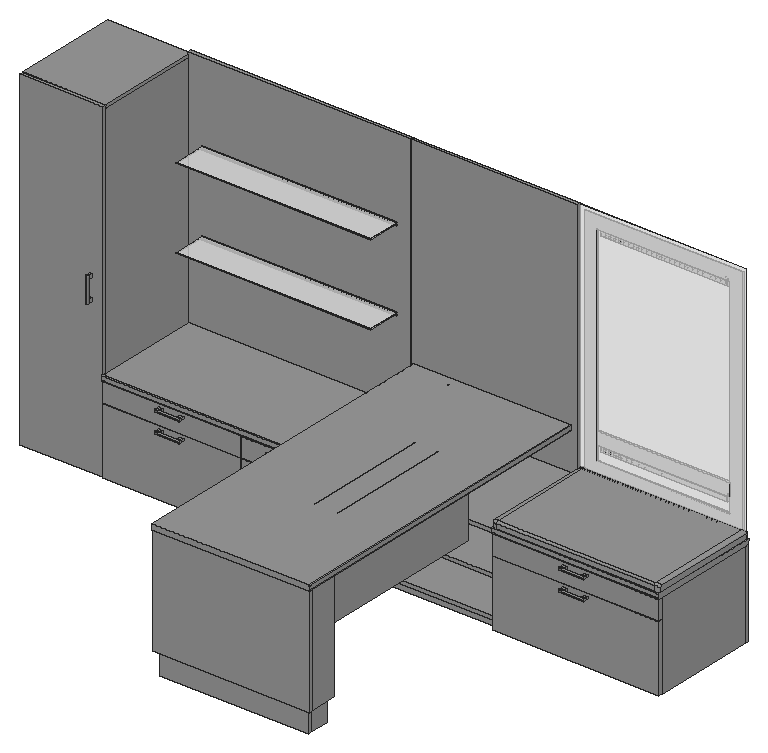
Revit family "JSI-Vision-Typical_Laminate-VST135", category Furniture, Revit 2020
Family settings
  OmniClass Number = 23.40.20.00
  OmniClass Title = General Furniture and Specialties
  Work Plane-Based = No
  Always vertical = Yes
  Cut with Voids When Loaded = No
  Shared = No
  Room Calculation Point = No
Parameters (values of type "VST135")
  URL = "www.jsifurniture.com"
  Type Comments = "Typical Laminate"  # constant formula
  Model = "VST135"
  Manufacturer = "JSI"  # constant formula
  Keynote = "12500"
  Default Elevation = 0"
  Assembly Code = "E2020200"
Reference planes (in)
  plane 1 "Center Front/Back": y = 0
  plane 2: z = 0
  plane 3 "Center Left/Right": x = 0
Dimensions and locks (in)
  aligned and locked: level to plane 2
Nested families (in)
  nested 1: "JSI-Vision-Bench_Height_Cushion" at (101.875, 0, 0.4315), type "VSB2436CUSH, 24d Bench H Cushion, 36 W"
  nested 2: "JSI-Vision-Wall_Panel_Magnetic_Glass" at (101.875, 0, -9.569), type "VSB3653WPGP, Wall Panel Magnetic Glass 52 3/16"H, 36"W"
  nested 3: "JSI-Vision-Wardrobe" at (0, 0, 0), type "VST2418-72WL - Wardrobe - 1 Doors 30"W x 24"D x 72"H"
    with Vertical Partition no, Top-Right Shelve no, Width 18", Unit Centre 8 15/16", Shelve Width 7 13/16", Right surface Dist. to Vertical Partition 3/4", Right Door no, Pull Distance 15 1/4", Left Shelves no, Height 72", Hanging Bar Distance 6 3/4", Door Width 17 3/4", Bottom-Right Shelves yes, Adjustable Shelves Array Distance 13.95", Actual Width 17 7/8", Actual Height 71 11/16", # of Adjustable Shelves 4
  nested 4: "JSI-Vision-Wall_Panel_Markerboard_Laminate-Glass_Shelf" at (17.875, 0, 0.1185), type "VST4853WPGS, Wall Panel with Glass Shelf 52 3/16"H, 48"W"
    with Two Shelves yes, Qty Shelf 2, One Shelf no, Dist Shelf 17 13/32", Width 48", Height 52 3/16"
  nested 5: "JSI-Vision-Box_File_Modular_Bench_Pedestal" at (47.875, -0.125, 0), type "VSTB2418MBF - Laminate BF Modular Bench H Ped"
    with Height 18.744", Depth 24"
  nested 6: "JSI-Vision-Box_File_Modular_Bench_Pedestal" at (17.875, -0.125, 0), type "VSTB2430MBF - Laminate BF Modular Bench H Ped"
    with Width 30", Height 18.744", Depth 24"
  nested 7: "JSI-Vision-Box_File_Modular_Bench_Pedestal" at (101.875, 0, 0), type "VSTB2436MBF - Laminate BF Modular Bench H Ped"
    with Width 36", Height 18.744", Depth 24"
  nested 8: "JSI-Vision-Bench_Height_Modular_Top" at (101.875, 0, -0.756), type "VSTB2436MT, Laminate Mod Bench H Top, 24" x 36""
    with Width 36", Depth 24"
  nested 9: "JSI-Vision-Bench_Height_Modular_Top" at (17.875, -0.125, -0.756), type "VSTB2448MT, Laminate Mod Bench H Top, 24" x 48""
    with Width 48", Depth 24"
  nested 10: "JSI-Vision-Adj_Height_Peninsula_Desk-Credenza" at (101.875, 0, 0) x (0, -1, 0) z (0, 0, 1), type "VSTB3672-AH24PDR, Adj Height Peninsula Desk Credenza 20"H, 72"W"
  nested 11: "JSI-Vision-Wall_Panel_Laminate" at (65.875, 0, -9.5685), type "VST3653WP, Laminate Wall Panel - 7 15/16d x 36w x 52 3/16h"
    with Width 36", Height 52.187"
  nested 12: "JSI-Vision-Filler_Back_Panel_for_Bench_Height" at (133.875, 0, 0), type "VSTB0419MBK, Filler Back Panel for Bench Height 18 3/4"H, 4"W"
Definition of nested family "JSI-Vision-Bench_Height_Cushion"
  Parameters (values of type "Type Catalog")
    Width = 36"
    URL = "www.jsifurniture.com"
    Type Comments = ""
    Series = "Vision Casegoods"  # constant formula
    Model = "Type Catalog"
    Material = ""
    Manufacturer = "JSI"  # constant formula
    Keynote = "12500"
    JSI Enviromental Website = "http://www.jsifurniture.com/jsi_sustainability_intro.php"
    Height = 1 1/2"
    Description = "Type Catalog"
    Depth = 24"
    Default Elevation = 0"
    Cushion Finish = none
    Bench Height = 19 1/2"
    Assembly Code = "E2020200"
  Reference planes (in)
    plane 1 "Center Front/Back": y = 0
    plane 2: z = 0
    plane 3 "Center Left/Right": x = 0
    plane 4: z = 0
    plane 5: z = 19.5
    plane 6: z = 21
    plane 7: z = 20.625
    plane 8: x = 36
    plane 9: y = -24
  Forms (in)
    Sweep 1, solid, material <- "Cushion Finish"
      path origin (7.5, 51.481, 49.125) x (0, 1, 0) y (0, 0, 1)
        loop
          line (-51.481, -29.625) -> (-51.481, -28.5625)
          arc (-51.481, -28.5625) -> (-51.60914, -28.25314) -> (-51.9185, -28.125) r 0.4375
          line (-51.9185, -28.125) -> (-75.0435, -28.125)
          arc (-75.0435, -28.125) -> (-75.35286, -28.25314) -> (-75.481, -28.5625) r 0.4375
          line (-75.481, -28.5625) -> (-75.481, -29.625)
      profile origin (7.5, -12, 21) x (0, 0, -1) y (1, 0, 0)
        loop
          line (0.375, -7.5) -> (0.375, 28.5)
          spline (0.375, 28.5) -> (0.32605, 28.49144) -> (0.27794, 28.46593) -> (0.23149, 28.42388) -> (0.1875, 28.36603) -> (0.14671, 28.29335) -> (0.10983, 28.20711) -> (0.07749, 28.10876) -> (0.05024, 28) -> (0.02855, 27.88268) -> (0.01278, 27.75882) -> (0.00321, 27.63053) -> (0, 27.5)
          line (0, 27.5) -> (0, -6.5)
          spline (0, -6.5) -> (0.00321, -6.63053) -> (0.01278, -6.75882) -> (0.02855, -6.88268) -> (0.05024, -7) -> (0.07749, -7.10876) -> (0.10983, -7.20711) -> (0.14671, -7.29335) -> (0.1875, -7.36603) -> (0.23149, -7.42388) -> (0.27794, -7.46593) -> (0.32605, -7.49144) -> (0.375, -7.5)
    Extrusion 2, solid, material <- "Cushion Finish"
      sketch origin (7.5, 51.481, 49.125) x (0, 1, 0) y (0, 0, 1)
        loop
          line (-51.856, -29.625) -> (-51.856, -28.5625)
          arc (-51.856, -28.5625) -> (-51.87431, -28.51831) -> (-51.9185, -28.5) r 0.0625
          line (-51.9185, -28.5) -> (-75.0435, -28.5)
          arc (-75.0435, -28.5) -> (-75.0877, -28.51831) -> (-75.106, -28.5625) r 0.0625
          line (-75.106, -28.5625) -> (-75.106, -29.625) -> (-51.856, -29.625)
      from -7.5 to 28.5
  Lines and regions (in)
    symbolic lines
      curve 1: line (36, -0.375, 0) -> (36, -23.625, 0)
      curve 2: line (35, -24, 0) -> (1, -24, 0)
      curve 3: spline (0, -23.625, 0) -> (0.00856, -23.67395, 0) -> (0.03407, -23.72206, 0) -> (0.07612, -23.76851, 0) -> (0.13397, -23.8125, 0) -> (0.20665, -23.85329, 0) -> (0.29289, -23.89017, 0) -> (0.39124, -23.92251, 0) -> (0.5, -23.94976, 0) -> (0.61732, -23.97145, 0) -> (0.74118, -23.98722, 0) -> (0.86947, -23.99679, 0) -> (1, -24, 0)
      curve 4: spline (36, -23.625, 0) -> (35.99144, -23.67395, 0) -> (35.96593, -23.72206, 0) -> (35.92388, -23.76851, 0) -> (35.86603, -23.8125, 0) -> (35.79335, -23.85329, 0) -> (35.70711, -23.89017, 0) -> (35.60876, -23.92251, 0) -> (35.5, -23.94976, 0) -> (35.38268, -23.97145, 0) -> (35.25882, -23.98722, 0) -> (35.13053, -23.99679, 0) -> (35, -24, 0)
      curve 5: line (1, 0, 0) -> (35, 0, 0)
      curve 6: spline (36, -0.375, 0) -> (35.99144, -0.32605, 0) -> (35.96593, -0.27794, 0) -> (35.92388, -0.23149, 0) -> (35.86603, -0.1875, 0) -> (35.79335, -0.14671, 0) -> (35.70711, -0.10983, 0) -> (35.60876, -0.07749, 0) -> (35.5, -0.05024, 0) -> (35.38268, -0.02855, 0) -> (35.25882, -0.01278, 0) -> (35.13053, -0.00321, 0) -> (35, 0, 0)
      curve 7: spline (0, -0.375, 0) -> (0.00856, -0.32605, 0) -> (0.03407, -0.27794, 0) -> (0.07612, -0.23149, 0) -> (0.13397, -0.1875, 0) -> (0.20665, -0.14671, 0) -> (0.29289, -0.10983, 0) -> (0.39124, -0.07749, 0) -> (0.5, -0.05024, 0) -> (0.61732, -0.02855, 0) -> (0.74118, -0.01278, 0) -> (0.86947, -0.00321, 0) -> (1, 0, 0)
      curve 8: line (0, -0.375, 0) -> (0, -23.625, 0)
  Dimensions and locks (in)
    "Height": plane 6 to plane 5
    locked: plane 7 to plane 5 at 1.125
    "Bench Height": plane 5 to level
    "Width": plane 3 "Center Left/Right" to plane 8
    "Depth": plane 1 "Center Front/Back" to plane 9
    locked: Sweep 1 sketch curve to plane 3 "Center Left/Right" at 1
    locked: Sweep 1 sketch curve to plane 8 at 1
    aligned and locked: level to plane 2
    aligned and locked: level to plane 4
    aligned and locked: Sweep 1 to plane 5
    aligned and locked: Extrusion 2 to Sweep 1  (x3)
    aligned and locked: Extrusion 2 to plane 3 "Center Left/Right"
    aligned and locked: Extrusion 2 to plane 8
    aligned and locked: plane 1 "Center Front/Back" to Sweep 1 sketch curve
    aligned and locked: plane 9 to Sweep 1 sketch curve
    aligned and locked: Sweep 1 sketch curve to plane 6
  Automatic sketch dimensions
    Sweep 1 sketch curve to plane 5 = 0"  (x2)
    Sweep 1 sketch curve to plane 7 = 1/16"
    plane 1 "Center Front/Back" to Sweep 1 sketch curve = 7/16"
    Sweep 1 sketch curve to profile plane = 0"
    Sweep 1 sketch curve to profile plane = 3/8"
    Sweep 1 sketch curve to Sweep 1 sketch curve = 1"  (x2)
    Extrusion 2 sketch curve to plane 5 = 0"
    Extrusion 2 sketch curve to plane 7 = 0"
    plane 9 to Extrusion 2 sketch curve = 3/8"
    Extrusion 2 sketch curve to plane 7 = 1/16"
    plane 1 "Center Front/Back" to Extrusion 2 sketch curve = 7/16"
    plane 1 "Center Front/Back" to Extrusion 2 sketch curve = 3/8"
    curve 3 to plane 3 "Center Left/Right" = 0"
    curve 3 to plane 9 = 0"
    plane 1 "Center Front/Back" to curve 7 = 0"
    curve 4 to plane 8 = 0"
    plane 3 "Center Left/Right" to curve 2 = 1"
    plane 3 "Center Left/Right" to curve 5 = 1"
    plane 8 to curve 5 = 1"
    plane 8 to curve 2 = 1"
    plane 9 to curve 1 = 3/8"
    plane 1 "Center Front/Back" to curve 1 = 3/8"
    plane 9 to curve 3 = 3/8"
    plane 1 "Center Front/Back" to curve 8 = 3/8"
Definition of nested family "JSI-Vision-Wall_Panel_Magnetic_Glass"
  Parameters (values of type "VSB3653WPGP, Wall Panel Magnetic Glass 52 3/16"H, 36"W")
    Width = 36"
    URL = "www.jsifurniture.com"
    Type Comments = ""
    Series = "Vision Casegoods"  # constant formula
    Model = "VSB3653WPGP"
    Material = ""
    Manufacturer = "JSI"  # constant formula
    Keynote = "12500"  # constant formula
    SVX Enviromental Website = "http://www.jsifurniture.com/jsi_sustainability_intro.php"
    Height = 52 3/16"
    Hardware Finish = none
    Description = "Wall Panel Magnetic Glass -  7/16\"D x 36\"W x 52 3/16\"H"
    Depth = 7/16"
    Panel Finish = none
    Default Elevation = 0"
    Assembly Code = "E2020200"
  Types (2): name | Model | Height | Description
    VSB3653WPGP, Wall Panel Magnetic Glass 52 3/16"H, 36"W | "VSB3653WPGP" | 52 3/16" | "Wall Panel Magnetic Glass -  7/16\"D x 36\"W x 52 3/16\"H"
    VSB3654WPGP, Wall Panel Magnetic Glass 54 1/2"H, 36"W | "VSB3654WPGP" | 54 1/2" | "Wall Panel Magnetic Glass -  7/16\"D x 36\"W x 54 1/2\"H"
  Reference planes (in)
    plane 1 "Center Front/Back": y = 0
    plane 2: z = 0
    plane 3 "Center Left/Right": x = 0
    plane 4: z = 0
    plane 5: z = 81.6875
    plane 6: x = 36
    plane 7: y = -0.4375
    plane 8: z = 29.5
  Forms (in)
    Extrusion 1, solid, material <- "Panel Finish"
      sketch origin (0, -0.25, 0) x (1, 0, 0) y (0, 0, 1)
        loop
          line (0, 81.6875) -> (0, 29.5) -> (36, 29.5) -> (36, 81.6875) -> (0, 81.6875)
      from 0.03002 to 0.1875
    Sweep 2, solid, material <- "Hardware Finish"
      path origin (0, 0, 0) x (1, 0, 0) y (0, 0, 1)
        loop
          line (1, 80.6875) -> (1, 30.5) -> (35, 30.5) -> (35, 80.6875) -> (1, 80.6875)
      profile origin (18, 0, 80.6875) x (0, 0, 1) y (0, -1, 0)
        loop
          line (0, 0) -> (0, 0.28002) -> (-2.66142, 0.28002) -> (-2.66142, 0.20128) -> (-2.18898, 0.20128) -> (-2.18898, 0.07874) -> (-2.66142, 0.07874) -> (-2.66142, 0) -> (0, 0)
    Extrusion 3, solid, material <- "Hardware Finish"
      sketch origin (0, 0, 0) x (0, 1, 0) y (0, 0, 1)
        loop
          line (0, 36.40108) -> (0, 39.0625) -> (-0.28002, 39.0625) -> (-0.28002, 36.40108) -> (-0.20128, 36.40108) -> (-0.20128, 36.95226) -> (-0.07874, 36.95226) -> (-0.07874, 36.40108) -> (0, 36.40108)
      from 32.33858 to 3.66142
    Extrusion 4, solid, material <- "Hardware Finish"
      sketch origin (0, 0, 0) x (0, 1, 0) y (0, 0, 1)
        loop
          line (-0.1808, 36.95191) -> (-0.1808, 36.15) -> (-0.0558, 36.15) -> (-0.0558, 35.15) -> (0.0192, 35.15) -> (0.0192, 35.23062)
          arc (0.0192, 35.23062) -> (-0.01092, 35.26074) -> (0.0192, 35.29087) r 0.03012
          line (0.0192, 35.29087) -> (0.0192, 35.35562)
          arc (0.0192, 35.35562) -> (-0.01092, 35.38574) -> (0.0192, 35.41587) r 0.03012
          line (0.0192, 35.41587) -> (0.0192, 35.48062)
          arc (0.0192, 35.48062) -> (-0.01092, 35.51074) -> (0.0192, 35.54087) r 0.03012
          line (0.0192, 35.54087) -> (0.0192, 35.60562)
          arc (0.0192, 35.60562) -> (-0.01092, 35.63574) -> (0.0192, 35.66587) r 0.03012
          line (0.0192, 35.66587) -> (0.0192, 35.73062)
          arc (0.0192, 35.73062) -> (-0.01092, 35.76074) -> (0.0192, 35.79087) r 0.03012
          line (0.0192, 35.79087) -> (0.0192, 35.85562)
          arc (0.0192, 35.85562) -> (-0.01092, 35.88574) -> (0.0192, 35.91587) r 0.03012
          line (0.0192, 35.91587) -> (0.0192, 35.98062)
          arc (0.0192, 35.98062) -> (-0.01092, 36.01074) -> (0.0192, 36.04087) r 0.03012
          line (0.0192, 36.04087) -> (0.0192, 36.4) -> (-0.0858, 36.4) -> (-0.0858, 36.95191) -> (-0.1808, 36.95191)
        loop
          line (-0.1808, 78.57691) -> (-0.1808, 77.775) -> (-0.0558, 77.775) -> (-0.0558, 76.775) -> (0.0192, 76.775) -> (0.0192, 76.85562)
          arc (0.0192, 76.85562) -> (-0.01092, 76.88574) -> (0.0192, 76.91587) r 0.03012
          line (0.0192, 76.91587) -> (0.0192, 76.98062)
          arc (0.0192, 76.98062) -> (-0.01092, 77.01074) -> (0.0192, 77.04087) r 0.03012
          line (0.0192, 77.04087) -> (0.0192, 77.10562)
          arc (0.0192, 77.10562) -> (-0.01092, 77.13574) -> (0.0192, 77.16587) r 0.03012
          line (0.0192, 77.16587) -> (0.0192, 77.23062)
          arc (0.0192, 77.23062) -> (-0.01092, 77.26074) -> (0.0192, 77.29087) r 0.03012
          line (0.0192, 77.29087) -> (0.0192, 77.35562)
          arc (0.0192, 77.35562) -> (-0.01092, 77.38574) -> (0.0192, 77.41587) r 0.03012
          line (0.0192, 77.41587) -> (0.0192, 77.48062)
          arc (0.0192, 77.48062) -> (-0.01092, 77.51074) -> (0.0192, 77.54087) r 0.03012
          line (0.0192, 77.54087) -> (0.0192, 77.60562)
          arc (0.0192, 77.60562) -> (-0.01092, 77.63574) -> (0.0192, 77.66587) r 0.03012
          line (0.0192, 77.66587) -> (0.0192, 78.025) -> (-0.0858, 78.025) -> (-0.0858, 78.57691) -> (-0.1808, 78.57691)
      from 31.715 to 4.285
  Lines and regions (in)
    symbolic lines
      curve 1: line (0, -0.28002, 0) -> (36, -0.28002, 0)
      curve 2: line (0, -0.4375, 0) -> (0, -0.28002, 0)
      curve 3: line (36, -0.4375, 0) -> (0, -0.4375, 0)
      curve 4: line (36, -0.28002, 0) -> (36, -0.4375, 0)
      curve 5: line (1, -0.28002, 0) -> (1, 0, 0)
      curve 6: line (1, 0, 0) -> (35, 0, 0)
      curve 7: line (35, 0, 0) -> (35, -0.28002, 0)
  Dimensions and locks (in)
    "Width": plane 3 "Center Left/Right" to plane 6
    "Depth": plane 1 "Center Front/Back" to plane 7
    locked: plane 1 "Center Front/Back" to Extrusion 1 at 0.28002
    locked: plane 8 to plane 4 at 29.5
    "Height": plane 5 to plane 8
    locked: plane 5 to Sweep 2 sketch curve at 1
    locked: Sweep 2 sketch curve to plane 8 at 1
    locked: Sweep 2 sketch curve to plane 3 "Center Left/Right" at 1
    locked: Sweep 2 sketch curve to plane 6 at 1
    plane 5 to Sweep 2 sketch curve to Sweep 2 sketch curve to Sweep 2 sketch curve = 1" locked, 2.18898" locked, 0.47244" locked
    Extrusion 3 sketch curve to Extrusion 3 sketch curve to Extrusion 3 sketch curve to plane 8 = 2.11024" locked, 0.55118" locked, 6.90108" locked
    plane 8 to Extrusion 4 sketch curve to Extrusion 4 sketch curve to Extrusion 4 sketch curve to Extrusion 4 sketch curve to Extrusion 4 sketch curve to Extrusion 4 sketch curve to Extrusion 4 sketch curve to Extrusion 4 sketch curve to Extrusion 4 sketch curve to Extrusion 4 sketch curve to Extrusion 4 sketch curve = 5.65" locked, 0.11074" locked, 1/8" locked, 1/8" locked, 1/8" locked, 1/8" locked, 1/8" locked, 1/8" locked, 0.13926" locked, 1/4" locked, 0.55191" locked
    Extrusion 4 sketch curve to Extrusion 4 sketch curve to Extrusion 4 sketch curve to Extrusion 4 sketch curve to Extrusion 4 sketch curve to Extrusion 4 sketch curve to Extrusion 4 sketch curve to Extrusion 4 sketch curve to Extrusion 4 sketch curve to Extrusion 4 sketch curve to Extrusion 4 sketch curve to plane 5 = 0.11074" locked, 1/8" locked, 1/8" locked, 1/8" locked, 1/8" locked, 1/8" locked, 1/8" locked, 0.13926" locked, 1/4" locked, 0.55191" locked, 3.11059" locked
    locked: plane 3 "Center Left/Right" to Extrusion 4 at 4.285
    locked: plane 6 to Extrusion 4 at 4.285
    aligned and locked: level to plane 2
    aligned and locked: plane 3 "Center Left/Right" to Extrusion 1 sketch curve
    aligned and locked: plane 6 to Extrusion 1 sketch curve
    aligned and locked: Extrusion 1 to plane 7
    aligned and locked: Extrusion 1 to plane 6
    aligned and locked: Extrusion 1 to plane 3 "Center Left/Right"
    aligned and locked: Sweep 2 sketch curve to Sweep 2 sketch curve
    aligned and locked: Extrusion 1 to plane 8
    aligned and locked: Extrusion 3 sketch curve to Extrusion 3 sketch curve
    aligned and locked: Sweep 2 to Extrusion 3  (x2)
    aligned and locked: Extrusion 3 to Sweep 2
    aligned and locked: curve 1 to Extrusion 1
    aligned and locked: curve 2 to Extrusion 1
    aligned and locked: curve 3 to Extrusion 1
    aligned and locked: curve 4 to Extrusion 1
  Automatic sketch dimensions
    Extrusion 1 sketch curve to plane 8 = 0"
    Extrusion 1 sketch curve to plane 5 = 0"
    Sweep 2 sketch curve to plane 1 "Center Front/Back" = 0"
    Sweep 2 sketch curve to Sweep 2 sketch curve = 0.07874"
    Sweep 2 sketch curve to Sweep 2 sketch curve = 0.12254"
    Sweep 2 sketch curve to Sweep 2 sketch curve = 0.28002"
    Extrusion 3 sketch curve to plane 1 "Center Front/Back" = 0"
    plane 1 "Center Front/Back" to Extrusion 3 sketch curve = 0.07874"
    Extrusion 3 sketch curve to Extrusion 3 sketch curve = 0.12254"
    Extrusion 3 sketch curve to Extrusion 3 sketch curve = 0.07874"
    plane 1 "Center Front/Back" to Extrusion 4 sketch curve = 0.1808"  (x2)
    plane 1 "Center Front/Back" to Extrusion 4 sketch curve = 0.0858"  (x2)
    plane 1 "Center Front/Back" to Extrusion 4 sketch curve = 0.0558"  (x2)
    Extrusion 4 sketch curve to plane 1 "Center Front/Back" = 0.0192"  (x2)
    Extrusion 4 sketch curve to Extrusion 4 sketch curve = 0.03012"  (x14)
    plane 1 "Center Front/Back" to curve 6 = 0"
    plane 3 "Center Left/Right" to curve 6 = 1"
    curve 7 to curve 1 = 1"
Definition of nested family "JSI-Vision-Wardrobe"
  Parameters (values of type "Type Catalog")
    Vertical Partition = yes
    Top-Right Shelve = yes
    Top = none
    Width = 36"
    Unit Centre = Actual Width / 2  # 17 15/16"
    URL = "www.jsifurniture.com"
    Type Comments = ""
    Tag = "Storage/Wardrobe"
    Shelve Width = (Actual Width - 2 1/4") / 2  # 16 13/16"
    Shelve Depth = Depth - 2 13/16"  # 21 3/16"
    Series = "Vision Casegoods"  # constant formula
    Right surface Dist. to Vertical Partition = if(Vertical Partition, (Unit Centre + 3/8"), 3/4")  # 18 5/16"
    Right Door = yes
    Pull Finish = none
    Pull Distance = Door Width - 2 1/2"  # 15 5/16"
    Model = "Type Catalog"
    Material = ""
    Manufacturer = "JSI"  # constant formula
    Left Shelves = yes
    Left Door = yes
    Keynote = "12500"
    JSI Enviromental Website = "http://www.jsifurniture.com/jsi_sustainability_intro.php"
    Height = 84"
    Hanging Bar Distance = if(Height > 72", (Adjustable Shelves Array Distance + 6 3/4"), 6 3/4")  # 20 3/8"
    Door Width = if(Vertical Partition, ((Actual Width - (1/4")) / 2), (Actual Width - 1/8"))  # 17 13/16"
    Door Front = none
    Description = "Type Catalog"
    Depth = 24"
    Default Elevation = 0"
    Chassis = none
    Bottom-Right Shelves = no
    Assembly Code = "E2020200"
    Adjustable Shelves Array Distance = (Actual Height - 1 15/16") / (# of Adjustable Shelves + 1)  # 13 5/8"
    Actual Width = Width - 1/8"  # 35 7/8"
    Actual Height = if(Height > 54", (Height - 5/16"), (if(Height > 42", (Height + 1 1/8"), if(Height > 30", (Height - 3/8"), (Height - 13/16")))))  # 83 11/16"
    # of Adjustable Shelves = if(Height > 72", 5, 4)  # 5
  Reference planes (in)
    plane 1 "Center Front/Back": y = 0
    plane 2: z = 0
    plane 3 "Center Left/Right": x = 0
    plane 4: z = 0
    plane 5: x = 35.875
    plane 6: y = -0.125
    plane 7: y = -23
    plane 8: z = 83.6875
    plane 9: y = -0.875
    plane 10: y = -22.8125
    plane 11: y = -22.0625
    plane 12: x = 0.75
    plane 13: x = 35.125
    plane 14: z = 1.1875
    plane 15: z = 1.9375
    plane 16: z = 82.9375
    plane 17: z = 83.3125
    plane 18: z = 15.1875
    plane 19: z = 28.8125
    plane 20: z = 42.4375
    plane 21: z = 56.0625
    plane 22: z = 69.6875
    plane 23: z = 70.0625
    plane 24: z = 69.3125
    plane 25: z = 56.4375
    plane 26: z = 55.6875
    plane 27: z = 42.8125
    plane 28: z = 42.0625
    plane 29: z = 29.1875
    plane 30: z = 28.4375
    plane 31: z = 15.5625
    plane 32: z = 14.8125
    plane 33: x = 17.9375
    plane 34: x = 0.0625
    plane 35: x = 35.8125
    plane 36: x = 18
    plane 37: x = 17.875
    plane 38: z = 0.125
    plane 39: y = -23.125
    plane 40: y = -23.875
    plane 41: z = 1.5625
    plane 42: x = 18.3125
    plane 43: x = 17.5625
    plane 44: y = -24
    plane 45: z = 83.625
    plane 46: z = 63.3125
    plane 47: y = -11.5625
    plane 48: z = 41.84375
    plane 49: x = 20.5
    plane 50: x = 15.375
    plane 51: z = 20.3125
    plane 52: z = 19.5625
    plane 53: x = 18.3125
  Forms (in)
    Extrusion 1, solid, material <- "Chassis"
      sketch origin (0, 0, 0) x (1, 0, 0) y (0, 1, 0)
        loop
          line (0, -0.125) -> (0, -0.875) -> (35.875, -0.875) -> (35.875, -0.125) -> (0, -0.125)
      from 0 to 82.9375
    Extrusion 2, solid, material <- "Chassis"
      sketch origin (0, 0, 0) x (1, 0, 0) y (0, 1, 0)
        loop
          line (0, -0.875) -> (0, -23) -> (0.75, -23) -> (0.75, -0.875) -> (0, -0.875)
      from 0 to 82.9375
    Extrusion 3, solid, material <- "Chassis"
      sketch origin (0, 0, 0) x (1, 0, 0) y (0, 1, 0)
        loop
          line (35.125, -0.875) -> (35.125, -23) -> (35.875, -23) -> (35.875, -0.875) -> (35.125, -0.875)
      from 0 to 82.9375
    Extrusion 4, solid, material <- "Top"
      sketch origin (0, 0, 0) x (0, 1, 0) y (0, 0, 1)
        loop
          line (-0.125, 83.6875) -> (-23, 83.6875) -> (-23, 82.9375) -> (-0.125, 82.9375) -> (-0.125, 83.6875)
      from 0 to 35.875
    Extrusion 5, solid, material <- "Chassis"
      sketch origin (0, 0, 0) x (0, 1, 0) y (0, 0, 1)
        loop
          line (-0.875, 1.9375) -> (-22.0625, 1.9375) -> (-22.0625, 1.1875) -> (-0.875, 1.1875) -> (-0.875, 1.9375)
      from 0.75 to 35.125
    Extrusion 6, solid, material <- "Chassis"
      sketch origin (0, 0, 0) x (0, 1, 0) y (0, 0, 1)
        loop
          line (-22.0625, 1.9375) -> (-22.8125, 1.9375) -> (-22.8125, 0) -> (-22.0625, 0) -> (-22.0625, 1.9375)
      from 0.75 to 35.125
    Extrusion 7, solid, material <- "Door Front", visible <- "Left Door"
      sketch origin (0, 0, 0) x (1, 0, 0) y (0, 1, 0)
        loop
          line (0.0625, -23.125) -> (0.0625, -23.875) -> (17.875, -23.875) -> (17.875, -23.125) -> (0.0625, -23.125)
      from 0.125 to 83.625
    Extrusion 8, solid, material <- "Door Front", visible <- "Right Door"
      sketch origin (0, 0, 0) x (1, 0, 0) y (0, 1, 0)
        loop
          line (18, -23.125) -> (18, -23.875) -> (35.8125, -23.875) -> (35.8125, -23.125) -> (18, -23.125)
      from 0.125 to 83.625
    Extrusion 9, solid, material <- "Chassis", visible <- "Vertical Partition"
      sketch origin (0, 0, 0) x (1, 0, 0) y (0, 1, 0)
        loop
          line (17.5625, -0.875) -> (17.5625, -23) -> (18.3125, -23) -> (18.3125, -0.875) -> (17.5625, -0.875)
      from 1.9375 to 82.9375
    Extrusion 10, solid, material <- "Chassis", visible <- "Left Shelves"
      sketch origin (0, 0, 0) x (0, 1, 0) y (0, 0, 1)
        loop
          line (-0.875, 15.5625) -> (-22.0625, 15.5625) -> (-22.0625, 14.8125) -> (-0.875, 14.8125) -> (-0.875, 15.5625)
      from 0.75 to 17.5625
    Extrusion 11, solid, material <- "Chassis", visible <- "Top-Right Shelve"
      sketch origin (0, 0, 0) x (0, 1, 0) y (0, 0, 1)
        loop
          line (-0.875, 70.0625) -> (-22.0625, 70.0625) -> (-22.0625, 69.3125) -> (-0.875, 69.3125) -> (-0.875, 70.0625)
      from 18.3125 to 35.125
    Extrusion 12, solid, material <- "Pull Finish"
      sketch origin (0, 0, 0) x (0, 1, 0) y (0, 0, 1)
        loop
          circle (-11.5625, 63.3125) r 0.5
      from 18.3125 to 35.125
    Extrusion 13, solid, material <- "Chassis", visible <- "Left Shelves"
      sketch origin (0, 0, 13.625) x (0, 1, 0) y (0, 0, 1)
        loop
          line (-0.875, 15.5625) -> (-22.0625, 15.5625) -> (-22.0625, 14.8125) -> (-0.875, 14.8125) -> (-0.875, 15.5625)
      from 0.75 to 17.5625
    Extrusion 14, solid, material <- "Chassis", visible <- "Left Shelves"
      sketch origin (0, 0, 27.25) x (0, 1, 0) y (0, 0, 1)
        loop
          line (-0.875, 15.5625) -> (-22.0625, 15.5625) -> (-22.0625, 14.8125) -> (-0.875, 14.8125) -> (-0.875, 15.5625)
      from 0.75 to 17.5625
    Extrusion 15, solid, material <- "Chassis", visible <- "Left Shelves"
      sketch origin (0, 0, 40.875) x (0, 1, 0) y (0, 0, 1)
        loop
          line (-0.875, 15.5625) -> (-22.0625, 15.5625) -> (-22.0625, 14.8125) -> (-0.875, 14.8125) -> (-0.875, 15.5625)
      from 0.75 to 17.5625
    Extrusion 16, solid, material <- "Chassis", visible <- "Bottom-Right Shelves"
      sketch origin (0, 0, 0) x (0, 1, 0) y (0, 0, 1)
        loop
          line (-22.0625, 29.1875) -> (-22.0625, 28.4375) -> (-0.875, 28.4375) -> (-0.875, 29.1875) -> (-22.0625, 29.1875)
      from 18.3125 to 35.125
    Extrusion 17, solid, material <- "Chassis", visible <- "Bottom-Right Shelves"
      sketch origin (0, 0, 0) x (0, 1, 0) y (0, 0, 1)
        loop
          line (-22.0625, 20.3125) -> (-22.0625, 19.5625) -> (-0.875, 19.5625) -> (-0.875, 20.3125) -> (-22.0625, 20.3125)
      from 18.3125 to 35.125
    Extrusion 18, solid, material <- "Chassis", visible <- "Left Shelves"
      sketch origin (0, 0, 54.5) x (0, 1, 0) y (0, 0, 1)
        loop
          line (-0.875, 15.5625) -> (-22.0625, 15.5625) -> (-22.0625, 14.8125) -> (-0.875, 14.8125) -> (-0.875, 15.5625)
      from 0.75 to 17.5625
  Lines and regions (in)
    symbolic lines
      curve 1: line (35.875, -0.125, 0) -> (0, -0.125, 0)
      curve 2: line (0, -0.125, 0) -> (0, -23, 0)
      curve 3: line (35.875, -23, 0) -> (35.875, -0.125, 0)
      curve 4: line (0, -23, 0) -> (35.875, -23, 0)
      curve 5: line (17.875, -23.875, 0) -> (17.875, -23.125, 0)
      curve 6: line (0.0625, -23.875, 0) -> (17.875, -23.875, 0)
      curve 7: line (17.875, -23.125, 0) -> (0.0625, -23.125, 0)
      curve 8: line (0.0625, -23.125, 0) -> (0.0625, -23.875, 0)
      curve 9: line (35.8125, -23.125, 20.3125) -> (18, -23.125, 20.3125)
      curve 10: line (18, -23.875, 20.3125) -> (35.8125, -23.875, 20.3125)
      curve 11: line (18, -23.125, 20.3125) -> (18, -23.875, 20.3125)
      curve 12: line (35.8125, -23.875, 20.3125) -> (35.8125, -23.125, 20.3125)
  Dimensions and locks (in)
    locked: plane 6 to plane 1 "Center Front/Back" at 0.125
    plane 7 to plane 10 to plane 11 = 3/16" locked, 3/4" locked
    locked: plane 3 "Center Left/Right" to plane 12 at 0.75
    locked: plane 13 to plane 5 at 0.75
    plane 15 to plane 14 to plane 4 = 3/4" locked, 1 3/16" locked
    locked: plane 8 to plane 16 at 0.75
    locked: plane 17 to plane 16 at 0.375
    plane 23 to plane 22 to plane 24 = 3/8" locked, 3/8" locked
    plane 25 to plane 21 to plane 26 = 3/8" locked, 3/8" locked
    plane 27 to plane 20 to plane 28 = 3/8" locked, 3/8" locked
    plane 29 to plane 19 to plane 30 = 3/8" locked, 3/8" locked
    plane 31 to plane 18 to plane 32 = 3/8" locked, 3/8" locked
    "Actual Width": plane 3 "Center Left/Right" to plane 5
    "Unit Centre": plane 3 "Center Left/Right" to plane 33
    "Actual Height": plane 8 to plane 4
    locked: plane 3 "Center Left/Right" to plane 34 at 0.0625
    locked: plane 35 to plane 5 at 0.0625
    plane 40 to plane 39 to plane 7 = 3/4" locked, 1/8" locked
    "Door Width": plane 34 to plane 37
    "Door Width": plane 36 to plane 35
    locked: plane 15 to plane 41 at 0.375
    plane 43 to plane 33 to plane 42 = 3/8" locked, 3/8" locked
    "Depth": plane 44 to plane 1 "Center Front/Back"
    locked: plane 44 to plane 40 at 0.125
    "Adjustable Shelves Array Distance": Extrusion 10 to plane 15
    locked: plane 8 to plane 45 at 0.0625
    "Adjustable Shelves Array Distance": plane 17 to plane 22
    equal spacing: plane 6, plane 47, plane 7
    equal spacing: plane 8, plane 48, plane 4
    "Shelve Depth": Extrusion 10 sketch curve to Extrusion 10 sketch curve
    "Shelve Depth": Extrusion 13 sketch curve to Extrusion 13 sketch curve
    equal spacing: group 1, group 2, group 3, group 4, group 5  (x3)
    "Shelve Width": Extrusion 10 to Extrusion 10
    "Shelve Depth": Extrusion 14 sketch curve to Extrusion 14 sketch curve
    "Shelve Width": Extrusion 14 to Extrusion 14
    "Shelve Depth": Extrusion 15 sketch curve to Extrusion 15 sketch curve
    "Shelve Width": Extrusion 15 to Extrusion 15
    "Shelve Width": Extrusion 13 to Extrusion 13
    "Hanging Bar Distance": plane 8 to plane 46
    "Adjustable Shelves Array Distance": Extrusion 13 to Extrusion 10
    plane 30 to plane 51 to plane 52 = 8 1/8" locked, 3/4" locked
    "Pull Distance": plane 49 to plane 35
    "Pull Distance": plane 34 to plane 50
    "Right surface Dist. to Vertical Partition": plane 53 to plane 3 "Center Left/Right"
    "Shelve Depth": Extrusion 18 sketch curve to Extrusion 18 sketch curve
    "Shelve Width": Extrusion 18 to Extrusion 18
    locked: plane 38 to plane 4 at 0.125
    radius of Extrusion 12 sketch curve = 1/2"
    aligned and locked: level to plane 2
    aligned and locked: plane 6 to Extrusion 1 sketch curve
    aligned and locked: Extrusion 1 sketch curve to plane 9
    aligned and locked: Extrusion 1 sketch curve to plane 5
    aligned and locked: plane 3 "Center Left/Right" to Extrusion 1 sketch curve
    aligned and locked: Extrusion 1 to plane 4
    aligned and locked: plane 16 to Extrusion 1
    aligned and locked: plane 3 "Center Left/Right" to Extrusion 2 sketch curve
    aligned and locked: Extrusion 2 sketch curve to plane 12
    aligned and locked: Extrusion 2 sketch curve to plane 7
    aligned and locked: plane 9 to Extrusion 2 sketch curve
    aligned and locked: plane 13 to Extrusion 3 sketch curve
    aligned and locked: Extrusion 3 sketch curve to plane 5
    aligned and locked: Extrusion 3 sketch curve to plane 7
    aligned and locked: plane 9 to Extrusion 3 sketch curve
    aligned and locked: Extrusion 2 to plane 4
    aligned and locked: Extrusion 3 to plane 4
    aligned and locked: plane 16 to Extrusion 2
    aligned and locked: plane 16 to Extrusion 3
    aligned and locked: plane 16 to Extrusion 4 sketch curve
    aligned and locked: Extrusion 4 sketch curve to plane 8
    aligned and locked: plane 6 to Extrusion 4 sketch curve
    aligned and locked: Extrusion 4 sketch curve to plane 7
    aligned and locked: Extrusion 4 to plane 3 "Center Left/Right"
    aligned and locked: plane 5 to Extrusion 4
    aligned and locked: Extrusion 5 sketch curve to plane 11
    aligned and locked: plane 14 to Extrusion 5 sketch curve
    aligned and locked: Extrusion 5 sketch curve to plane 15
    aligned and locked: plane 9 to Extrusion 5 sketch curve
    aligned and locked: Extrusion 5 to plane 12
    aligned and locked: plane 13 to Extrusion 5
    aligned and locked: plane 11 to Extrusion 6 sketch curve
    aligned and locked: Extrusion 6 sketch curve to plane 10
    aligned and locked: plane 4 to Extrusion 6 sketch curve
    aligned and locked: Extrusion 6 sketch curve to plane 15
    aligned and locked: Extrusion 6 to plane 12
    aligned and locked: plane 13 to Extrusion 6
    aligned and locked: level to plane 4
    aligned and locked: plane 33 to nested 1
    aligned and locked: plane 40 to nested 1
    aligned and locked: plane 39 to Extrusion 7 sketch curve
    aligned and locked: Extrusion 7 sketch curve to plane 40
    aligned and locked: Extrusion 7 sketch curve to plane 37
    aligned and locked: plane 34 to Extrusion 7 sketch curve
    aligned and locked: plane 39 to Extrusion 8 sketch curve
    aligned and locked: Extrusion 8 sketch curve to plane 40
    aligned and locked: Extrusion 8 sketch curve to plane 35
    aligned and locked: plane 36 to Extrusion 8 sketch curve
    aligned and locked: Extrusion 7 to plane 38
    aligned and locked: Extrusion 8 to plane 38
    aligned and locked: plane 43 to Extrusion 9 sketch curve
    aligned and locked: Extrusion 9 sketch curve to plane 42
    aligned and locked: plane 9 to Extrusion 9 sketch curve
    aligned and locked: Extrusion 9 sketch curve to plane 7
    aligned and locked: Extrusion 9 to plane 15
    aligned and locked: plane 16 to Extrusion 9
    aligned and locked: plane 45 to Extrusion 7
    aligned and locked: plane 45 to Extrusion 8
    aligned and locked: Extrusion 11 sketch curve to plane 23
    aligned and locked: plane 24 to Extrusion 11 sketch curve
    aligned and locked: plane 9 to Extrusion 11 sketch curve
    aligned and locked: Extrusion 11 sketch curve to plane 11
    aligned and locked: plane 13 to Extrusion 11
    aligned and locked: plane 13 to Extrusion 12
    aligned and locked: Extrusion 10 to plane 9
    aligned and locked: plane 50 to nested 3
    aligned and locked: plane 49 to nested 2
    aligned and locked: plane 48 to nested 3
    aligned and locked: plane 48 to nested 2
    aligned and locked: plane 43 to Extrusion 10
    aligned and locked: plane 43 to Extrusion 13
    aligned and locked: Extrusion 13 to plane 9
    aligned and locked: plane 40 to nested 3
    aligned and locked: plane 40 to nested 2
    aligned and locked: Extrusion 16 sketch curve to plane 29
    aligned and locked: plane 30 to Extrusion 16 sketch curve
    aligned and locked: plane 9 to Extrusion 16 sketch curve
    aligned and locked: Extrusion 16 sketch curve to plane 11
    aligned and locked: plane 13 to Extrusion 16
    aligned and locked: Extrusion 17 sketch curve to plane 51
    aligned and locked: plane 52 to Extrusion 17 sketch curve
    aligned and locked: Extrusion 17 sketch curve to plane 11
    aligned and locked: plane 9 to Extrusion 17 sketch curve
    aligned and locked: plane 13 to Extrusion 17
    aligned and locked: plane 53 to Extrusion 12
    aligned and locked: plane 53 to Extrusion 11
    aligned and locked: plane 53 to Extrusion 17
    aligned and locked: plane 53 to Extrusion 16
    aligned and locked: curve 1 to Extrusion 4
    aligned and locked: curve 2 to Extrusion 4
    aligned and locked: curve 3 to Extrusion 4
    aligned and locked: curve 4 to Extrusion 4
    aligned and locked: curve 5 to Extrusion 7
    aligned and locked: curve 6 to Extrusion 7
    aligned and locked: curve 7 to Extrusion 7
    aligned and locked: curve 8 to Extrusion 7
    aligned and locked: curve 9 to Extrusion 8
    aligned and locked: curve 10 to Extrusion 8
    aligned and locked: curve 11 to Extrusion 8
    aligned and locked: curve 12 to Extrusion 8
  Automatic sketch dimensions
    Extrusion 12 sketch curve to plane 46 = 0"
    Extrusion 12 sketch curve to plane 47 = 0"
    Extrusion 10 sketch curve to Extrusion 10 sketch curve = 3/4"
    Extrusion 13 sketch curve to Extrusion 13 sketch curve = 3/4"
    Extrusion 14 sketch curve to Extrusion 14 sketch curve = 3/4"
    Extrusion 15 sketch curve to Extrusion 15 sketch curve = 3/4"
    Extrusion 18 sketch curve to Extrusion 18 sketch curve = 3/4"
  Nested families (in)
    nested 1: "Label 1-16 OH" at (17.9375, -23.875, 0), type "OH DOORS"
    nested 2: "Vertical Bar Pull" at (20.5, -23.875, 41.84375), Pull Finish <- "Pull Finish", visible <- "Right Door", type "PL"
      with Pull Finish none
    nested 3: "Vertical Bar Pull" at (15.375, -23.875, 41.84375), Pull Finish <- "Pull Finish", visible <- "Left Door", type "PL"
      with Pull Finish none
  Definition of nested family "Vertical Bar Pull"
    Parameters
      Pull Finish [instance] = none
      Default Elevation = 0"
    Reference planes (in)
      plane 1 "Center Front/Back": y = 0
      plane 2: z = 0
      plane 3 "Center Left/Right": x = 0
      plane 4: x = -2.68731
      plane 5: x = -1.88731
      plane 6: x = 2.68731
      plane 7: x = 1.88731
      plane 8: y = -1
      plane 9: y = -0.85202
      plane 10: z = 2.68731
      plane 11: z = 1.88731
      plane 12: z = -1.88731
      plane 13: z = -2.68731
    Forms (in)
      Extrusion 1, solid, material <- "Pull Finish"
        sketch origin (0, 0, 0) x (0, 1, 0) y (-1, 0, 0)
          loop
            line (0, -0.2015) -> (0, 0.2015) -> (-0.85202, 0.2015)
            arc (-0.85202, 0.2015) -> (-0.75, 0) -> (-0.85202, -0.2015) r 0.25
            line (-0.85202, -0.2015) -> (0, -0.2015)
        from 1.88731 to 2.68731
      Extrusion 2, solid, material <- "Pull Finish"
        sketch origin (0, 0, 0) x (0, 1, 0) y (-1, 0, 0)
          loop
            circle (-1, 0) r 0.25
        from -2.68731 to 2.68731
      Extrusion 3, solid, material <- "Pull Finish"
        sketch origin (0, 0, 0) x (1, 0, 0) y (0, 1, 0)
          loop
            line (0.2015, 0) -> (-0.2015, 0) -> (-0.2015, -0.85202)
            arc (-0.2015, -0.85202) -> (0, -0.75) -> (0.2015, -0.85202) r 0.25
            line (0.2015, -0.85202) -> (0.2015, 0)
        from 1.88731 to 2.68731
      Extrusion 4, solid, material <- "Pull Finish"
        sketch origin (0, 0, -4.57462) x (1, 0, 0) y (0, 1, 0)
          loop
            line (0.2015, 0) -> (-0.2015, 0) -> (-0.2015, -0.85202)
            arc (-0.2015, -0.85202) -> (0, -0.75) -> (0.2015, -0.85202) r 0.25
            line (0.2015, -0.85202) -> (0.2015, 0)
        from 1.88731 to 2.68731
    Dimensions and locks (in)
      plane 4 to plane 5 to plane 3 "Center Left/Right" to plane 7 to plane 6 = 0.8" locked, 1.88731" locked, 1.88731" locked, 0.8" locked
      plane 8 to plane 9 to plane 1 "Center Front/Back" = 0.14798" locked, 0.85202" locked
      plane 13 to plane 12 to plane 2 to plane 11 to plane 10 = 0.8" locked, 1.88731" locked, 1.88731" locked, 0.8" locked
      plane 1 "Center Front/Back" to plane 9 to plane 8 = 0.85202" locked, 0.14798" locked
      aligned and locked: level to plane 2
      aligned and locked: plane 8 to Extrusion 2 sketch curve
      aligned and locked: Extrusion 3 to plane 1 "Center Front/Back"
      aligned and locked: Extrusion 1 to plane 1 "Center Front/Back"
      aligned and locked: Extrusion 4 to plane 1 "Center Front/Back"
      aligned and locked: Extrusion 3 to plane 10
      aligned and locked: Extrusion 3 to plane 11
      aligned and locked: Extrusion 2 to plane 10
      aligned and locked: Extrusion 2 to plane 13
      aligned and locked: Extrusion 4 to plane 13
      aligned and locked: Extrusion 4 to plane 12
      aligned and locked: plane 1 "Center Front/Back" to Extrusion 4
      aligned and locked: plane 1 "Center Front/Back" to Extrusion 3
      aligned and locked: Extrusion 4 to plane 9
      aligned and locked: Extrusion 3 to plane 9
  Definition of nested family "Label 1-16 OH"
    Parameters
      Width = 1"
      Model Name = "Storage/Wardrobe"
    Reference planes (in)
      plane 1: y = 0
      plane 2: x = 0
    Text (in)
      label "XX" at (0.00051, -0.12324, 0), shows "Model Name"
Definition of nested family "JSI-Vision-Wall_Panel_Markerboard_Laminate-Glass_Shelf"
  Parameters (values of type "Wall Panel with Glass Shelf - Type Catalog")
    Width = 60"
    URL = "www.jsifurniture.com"
    Type Comments = ""
    Two Shelves [instance] = yes
    Shelf Finish = none
    Series = "Vision Casegoods"  # constant formula
    Qty Shelf [instance] = if(One Shelf, 1, 2)  # 2
    Overall Height = 72"  # constant formula
    One Shelf [instance] = no
    Model = "Type Catalog"
    Manufacturer = "JSI"  # constant formula
    Keynote = "12500"  # constant formula
    SVX Enviromental Website = "http://www.jsifurniture.com/jsi_sustainability_intro.php"
    Height = 42 1/2"
    Hardware Finish = none
    Dist Shelf [instance] = if(and(One Shelf), Height / 2, if(and(Two Shelves, Height = 54 1/2"), 18 5/32", if(and(Two Shelves, Height = 52 3/16"), 17 13/32", if(and(Two Shelves, Height = 42 1/2"), 14 5/32", 13 3/256"))))  # 14 5/32"
    Description = "Type Catalog"
    Depth = 7 15/16"
    Panel Finish = none
    Default Elevation = 0"
    Assembly Code = "E2020200"
  Reference planes (in)
    plane 1 "Center Front/Back": y = 0
    plane 2: z = 0
    plane 3 "Center Left/Right": x = 0
    plane 4: z = 0
    plane 5: z = 72
    plane 6: x = 60
    plane 7: y = -7.9375
    plane 8: z = 29.5
    plane 9: z = 57.84375
    plane 10: z = 43.65625
  Forms (in)
    Extrusion 1, solid, material <- "Panel Finish"
      sketch origin (0, -0.25, 0) x (1, 0, 0) y (0, 0, 1)
        loop
          line (0, 72) -> (0, 29.5) -> (60, 29.5) -> (60, 72) -> (0, 72)
      from -0.05 to 0.7
    Extrusion 2, solid, material <- "Shelf Finish"
      sketch origin (0, 0, 0.90625) x (0, 1, 0) y (0, 0, 1)
        loop
          line (-0.18812, 56.81939) -> (-0.18812, 57.05561) -> (-7.89875, 57.05561) -> (-7.9375, 57.01624) -> (-7.9375, 56.85814) -> (-7.89875, 56.81939) -> (-0.18812, 56.81939)
      from 3.03125 to 56.96875
    Extrusion 3, solid, material <- "Hardware Finish"
      sketch origin (0, 0, 0.90625) x (0, 1, 0) y (0, 0, 1)
        loop
          line (-0.2, 58.27748) -> (-0.2, 57.80524) -> (-0.73233, 57.27291) -> (-0.99939, 57.27291) -> (-0.99939, 57.1204) -> (-0.12906, 57.1204) -> (-0.12906, 56.7546) -> (-0.99939, 56.7546) -> (-0.99939, 56.60209) -> (-0.73233, 56.60209) -> (-0.2, 56.06976) -> (-0.2, 55.59752) -> (-0.10488, 55.59752) -> (-0.10488, 56.14319) -> (-0.56378, 56.60209) -> (-0.03647, 56.60209) -> (-0.03647, 57.27291) -> (-0.56378, 57.27291) -> (-0.10488, 57.73181) -> (-0.10488, 58.27748) -> (-0.2, 58.27748)
      from 3.0625 to 56.9375
    Extrusion 4, solid, material <- "Hardware Finish"
      sketch origin (0, 0, 0) x (0, 1, 0) y (0, 0, 1)
        loop
          line (-0.095, 33.125) -> (-0.2, 33.125) -> (-0.2, 32.25) -> (-0.075, 32.25) -> (-0.075, 31.25) -> (0, 31.25) -> (0, 31.33062) -> (-0.03197, 31.33062) -> (-0.03197, 31.39087) -> (0, 31.39087) -> (0, 31.45562) -> (-0.03197, 31.45562) -> (-0.03197, 31.51587) -> (0, 31.51587) -> (0, 31.58062) -> (-0.03197, 31.58062) -> (-0.03197, 31.64087) -> (0, 31.64087) -> (0, 31.70562) -> (-0.03197, 31.70562) -> (-0.03197, 31.76587) -> (0, 31.76587) -> (0, 31.83062) -> (-0.03197, 31.83062) -> (-0.03197, 31.89087) -> (0, 31.89087) -> (0, 31.95562) -> (-0.03197, 31.95562) -> (-0.03197, 32.01587) -> (0, 32.01587) -> (0, 32.08062) -> (-0.03197, 32.08062) -> (-0.03197, 32.14087) -> (0, 32.14087) -> (0, 32.5) -> (-0.095, 32.5) -> (-0.095, 33.125)
        loop
          line (-0.095, 67.875) -> (-0.2, 67.875) -> (-0.2, 67) -> (-0.075, 67) -> (-0.075, 66) -> (0, 66) -> (0, 66.08062) -> (-0.03197, 66.08062) -> (-0.03197, 66.14087) -> (0, 66.14087) -> (0, 66.20562) -> (-0.03197, 66.20562) -> (-0.03197, 66.26587) -> (0, 66.26587) -> (0, 66.33062) -> (-0.03197, 66.33062) -> (-0.03197, 66.39087) -> (0, 66.39087) -> (0, 66.45562) -> (-0.03197, 66.45562) -> (-0.03197, 66.51587) -> (0, 66.51587) -> (0, 66.58062) -> (-0.03197, 66.58062) -> (-0.03197, 66.64087) -> (0, 66.64087) -> (0, 66.70562) -> (-0.03197, 66.70562) -> (-0.03197, 66.76587) -> (0, 66.76587) -> (0, 66.83062) -> (-0.03197, 66.83062) -> (-0.03197, 66.89087) -> (0, 66.89087) -> (0, 67.25) -> (-0.095, 67.25) -> (-0.095, 67.875)
      from 1 to 59
    Extrusion 5, solid, material <- "Hardware Finish"
      sketch origin (0, 0, 0) x (0, 1, 0) y (0, 0, 1)
        loop
          line (-0.105, 67.25) -> (0, 67.25) -> (0, 68.125) -> (-0.125, 68.125) -> (-0.125, 69.125) -> (-0.2, 69.125) -> (-0.2, 69.04438) -> (-0.16803, 69.04438) -> (-0.16803, 68.98413) -> (-0.2, 68.98413) -> (-0.2, 68.91938) -> (-0.16803, 68.91938) -> (-0.16803, 68.85913) -> (-0.2, 68.85913) -> (-0.2, 68.79438) -> (-0.16803, 68.79438) -> (-0.16803, 68.73413) -> (-0.2, 68.73413) -> (-0.2, 68.66938) -> (-0.16803, 68.66938) -> (-0.16803, 68.60913) -> (-0.2, 68.60913) -> (-0.2, 68.54438) -> (-0.16803, 68.54438) -> (-0.16803, 68.48413) -> (-0.2, 68.48413) -> (-0.2, 68.41938) -> (-0.16803, 68.41938) -> (-0.16803, 68.35913) -> (-0.2, 68.35913) -> (-0.2, 68.29438) -> (-0.16803, 68.29438) -> (-0.16803, 68.23413) -> (-0.2, 68.23413) -> (-0.2, 67.875) -> (-0.105, 67.875) -> (-0.105, 67.25)
        loop
          line (-0.105, 32.5) -> (0, 32.5) -> (0, 33.375) -> (-0.125, 33.375) -> (-0.125, 34.375) -> (-0.2, 34.375) -> (-0.2, 34.29438) -> (-0.16803, 34.29438) -> (-0.16803, 34.23413) -> (-0.2, 34.23413) -> (-0.2, 34.16938) -> (-0.16803, 34.16938) -> (-0.16803, 34.10913) -> (-0.2, 34.10913) -> (-0.2, 34.04438) -> (-0.16803, 34.04438) -> (-0.16803, 33.98413) -> (-0.2, 33.98413) -> (-0.2, 33.91938) -> (-0.16803, 33.91938) -> (-0.16803, 33.85913) -> (-0.2, 33.85913) -> (-0.2, 33.79438) -> (-0.16803, 33.79438) -> (-0.16803, 33.73413) -> (-0.2, 33.73413) -> (-0.2, 33.66938) -> (-0.16803, 33.66938) -> (-0.16803, 33.60913) -> (-0.2, 33.60913) -> (-0.2, 33.54438) -> (-0.16803, 33.54438) -> (-0.16803, 33.48413) -> (-0.2, 33.48413) -> (-0.2, 33.125) -> (-0.105, 33.125) -> (-0.105, 32.5)
      from 2 to 7
    Extrusion 6, solid, material <- "Hardware Finish"
      sketch origin (36, 0, 0) x (0, 1, 0) y (0, 0, -1)
        loop
          line (-0.105, -67.25) -> (-0.105, -67.875) -> (-0.2, -67.875) -> (-0.2, -68.23413) -> (-0.16803, -68.23413) -> (-0.16803, -68.29438) -> (-0.2, -68.29438) -> (-0.2, -68.35913) -> (-0.16803, -68.35913) -> (-0.16803, -68.41938) -> (-0.2, -68.41938) -> (-0.2, -68.48413) -> (-0.16803, -68.48413) -> (-0.16803, -68.54438) -> (-0.2, -68.54438) -> (-0.2, -68.60913) -> (-0.16803, -68.60913) -> (-0.16803, -68.66938) -> (-0.2, -68.66938) -> (-0.2, -68.73413) -> (-0.16803, -68.73413) -> (-0.16803, -68.79438) -> (-0.2, -68.79438) -> (-0.2, -68.85913) -> (-0.16803, -68.85913) -> (-0.16803, -68.91938) -> (-0.2, -68.91938) -> (-0.2, -68.98413) -> (-0.16803, -68.98413) -> (-0.16803, -69.04438) -> (-0.2, -69.04438) -> (-0.2, -69.125) -> (-0.125, -69.125) -> (-0.125, -68.125) -> (0, -68.125) -> (0, -67.25) -> (-0.105, -67.25)
        loop
          line (-0.105, -32.5) -> (-0.105, -33.125) -> (-0.2, -33.125) -> (-0.2, -33.48413) -> (-0.16803, -33.48413) -> (-0.16803, -33.54438) -> (-0.2, -33.54438) -> (-0.2, -33.60913) -> (-0.16803, -33.60913) -> (-0.16803, -33.66938) -> (-0.2, -33.66938) -> (-0.2, -33.73413) -> (-0.16803, -33.73413) -> (-0.16803, -33.79438) -> (-0.2, -33.79438) -> (-0.2, -33.85913) -> (-0.16803, -33.85913) -> (-0.16803, -33.91938) -> (-0.2, -33.91938) -> (-0.2, -33.98413) -> (-0.16803, -33.98413) -> (-0.16803, -34.04438) -> (-0.2, -34.04438) -> (-0.2, -34.10913) -> (-0.16803, -34.10913) -> (-0.16803, -34.16938) -> (-0.2, -34.16938) -> (-0.2, -34.23413) -> (-0.16803, -34.23413) -> (-0.16803, -34.29438) -> (-0.2, -34.29438) -> (-0.2, -34.375) -> (-0.125, -34.375) -> (-0.125, -33.375) -> (0, -33.375) -> (0, -32.5) -> (-0.105, -32.5)
      from -22 to -17
    Extrusion 7, solid, material <- "Shelf Finish"
      sketch origin (0, 0, -12.34375) x (0, 1, 0) y (0, 0, 1)
        loop
          line (-0.18812, 55.88189) -> (-0.18812, 56.11811) -> (-7.89875, 56.11811) -> (-7.9375, 56.07874) -> (-7.9375, 55.92064) -> (-7.89875, 55.88189) -> (-0.18812, 55.88189)
      from 3.03125 to 56.96875
    Extrusion 8, solid, material <- "Hardware Finish"
      sketch origin (0, 0, -12.34375) x (0, 1, 0) y (0, 0, 1)
        loop
          line (-0.2, 57.33998) -> (-0.2, 56.86774) -> (-0.73233, 56.33541) -> (-0.99939, 56.33541) -> (-0.99939, 56.1829) -> (-0.12906, 56.1829) -> (-0.12906, 55.8171) -> (-0.99939, 55.8171) -> (-0.99939, 55.66459) -> (-0.73233, 55.66459) -> (-0.2, 55.13226) -> (-0.2, 54.66002) -> (-0.10488, 54.66002) -> (-0.10488, 55.20569) -> (-0.56378, 55.66459) -> (-0.03647, 55.66459) -> (-0.03647, 56.33541) -> (-0.56378, 56.33541) -> (-0.10488, 56.79431) -> (-0.10488, 57.33998) -> (-0.2, 57.33998)
      from 3.0625 to 56.9375
  Lines and regions (in)
    symbolic lines
      curve 1: line (0, -0.2, 0) -> (60, -0.2, 0)
      curve 2: line (0, -0.95, 0) -> (0, -0.2, 0)
      curve 3: line (60, -0.95, 0) -> (0, -0.95, 0)
      curve 4: line (60, -0.2, 0) -> (60, -0.95, 0)
      curve 5: line (3.03125, -0.95, 0) -> (3.03125, -7.9375, 0)
      curve 6: line (3.03125, -7.9375, 0) -> (56.96875, -7.9375, 0)
      curve 7: line (56.96875, -7.9375, 0) -> (56.96875, -0.95, 0)
      curve 8: line (1, -0.2, 0) -> (1, 0, 0)
      curve 9: line (1, 0, 0) -> (59, 0, 0)
      curve 10: line (59, 0, 0) -> (59, -0.2, 0)
  Dimensions and locks (in)
    "Height": plane 5 to plane 8
    "Width": plane 3 "Center Left/Right" to plane 6
    "Depth": plane 1 "Center Front/Back" to plane 7
    plane 8 to plane 4 = 29 1/2"
    locked: plane 3 "Center Left/Right" to Extrusion 3 at 3.0625
    locked: Extrusion 3 to plane 6 at 3.0625
    locked: plane 3 "Center Left/Right" to Extrusion 2 at 3.03125
    locked: plane 6 to Extrusion 2 at 3.03125
    plane 1 "Center Front/Back" to Extrusion 4 sketch curve to Extrusion 4 sketch curve to Extrusion 4 sketch curve = 0.075" locked, 0.02" locked, 0.105" locked  (x2)
    Extrusion 5 to Extrusion 5 to Extrusion 4 to plane 3 "Center Left/Right" = 5" locked, 1" locked, 1" locked
    plane 6 to Extrusion 4 to Extrusion 6 to Extrusion 6 = 1" locked, 1" locked, 5" locked
    Extrusion 4 sketch curve to Extrusion 4 sketch curve to Extrusion 4 sketch curve to Extrusion 4 sketch curve to Extrusion 4 sketch curve to Extrusion 4 sketch curve to Extrusion 4 sketch curve to Extrusion 4 sketch curve to Extrusion 4 sketch curve to Extrusion 4 sketch curve to Extrusion 4 sketch curve to Extrusion 4 sketch curve to Extrusion 4 sketch curve to Extrusion 4 sketch curve to Extrusion 4 sketch curve to Extrusion 4 sketch curve to Extrusion 4 sketch curve to Extrusion 4 sketch curve to plane 8 = 5/8" locked, 1/4" locked, 0.10913" locked, 0.06025" locked, 0.06475" locked, 0.06025" locked, 0.06475" locked, 0.06025" locked, 0.06475" locked, 0.06025" locked, 0.06475" locked, 0.06025" locked, 0.06475" locked, 0.06025" locked, 0.06475" locked, 0.06025" locked, 0.08062" locked, 1 3/4" locked
    plane 5 to Extrusion 4 sketch curve to Extrusion 4 sketch curve to Extrusion 4 sketch curve to Extrusion 4 sketch curve to Extrusion 4 sketch curve to Extrusion 4 sketch curve to Extrusion 4 sketch curve to Extrusion 4 sketch curve to Extrusion 4 sketch curve to Extrusion 4 sketch curve to Extrusion 4 sketch curve to Extrusion 4 sketch curve to Extrusion 4 sketch curve to Extrusion 4 sketch curve to Extrusion 4 sketch curve to Extrusion 4 sketch curve to Extrusion 4 sketch curve to Extrusion 4 sketch curve = 4 1/8" locked, 5/8" locked, 1/4" locked, 0.10913" locked, 0.06025" locked, 0.06475" locked, 0.06025" locked, 0.06475" locked, 0.06025" locked, 0.06475" locked, 0.06025" locked, 0.06475" locked, 0.06025" locked, 0.06475" locked, 0.06025" locked, 0.06475" locked, 0.06025" locked, 0.08062" locked
    Extrusion 5 sketch curve to Extrusion 5 sketch curve to Extrusion 5 sketch curve to Extrusion 5 sketch curve = 0.075" locked, 0.02" locked, 0.105" locked  (x2)
    Extrusion 5 sketch curve to Extrusion 5 sketch curve to Extrusion 5 sketch curve to Extrusion 5 sketch curve to Extrusion 5 sketch curve to Extrusion 5 sketch curve to Extrusion 5 sketch curve to Extrusion 5 sketch curve to Extrusion 5 sketch curve to Extrusion 5 sketch curve to Extrusion 5 sketch curve to Extrusion 5 sketch curve to Extrusion 5 sketch curve to Extrusion 5 sketch curve to Extrusion 5 sketch curve to Extrusion 5 sketch curve to Extrusion 5 sketch curve to Extrusion 5 sketch curve to plane 5 = 5/8" locked, 1/4" locked, 0.10913" locked, 0.06025" locked, 0.06475" locked, 0.06025" locked, 0.06475" locked, 0.06025" locked, 0.06475" locked, 0.06025" locked, 0.06475" locked, 0.06025" locked, 0.06475" locked, 0.06025" locked, 0.06475" locked, 0.06025" locked, 0.08062" locked, 2 7/8" locked
    plane 8 to Extrusion 5 sketch curve to Extrusion 5 sketch curve to Extrusion 5 sketch curve to Extrusion 5 sketch curve to Extrusion 5 sketch curve to Extrusion 5 sketch curve to Extrusion 5 sketch curve to Extrusion 5 sketch curve to Extrusion 5 sketch curve to Extrusion 5 sketch curve to Extrusion 5 sketch curve to Extrusion 5 sketch curve to Extrusion 5 sketch curve to Extrusion 5 sketch curve to Extrusion 5 sketch curve to Extrusion 5 sketch curve to Extrusion 5 sketch curve to Extrusion 5 sketch curve = 3" locked, 5/8" locked, 1/4" locked, 0.10913" locked, 0.06025" locked, 0.06475" locked, 0.06025" locked, 0.06475" locked, 0.06025" locked, 0.06475" locked, 0.06025" locked, 0.06475" locked, 0.06025" locked, 0.06475" locked, 0.06025" locked, 0.06475" locked, 0.06025" locked, 0.08062" locked
    Extrusion 6 sketch curve to Extrusion 6 sketch curve to Extrusion 6 sketch curve to Extrusion 6 sketch curve = 0.075" locked, 0.02" locked, 0.105" locked  (x2)
    Extrusion 6 sketch curve to Extrusion 6 sketch curve to Extrusion 6 sketch curve to Extrusion 6 sketch curve to Extrusion 6 sketch curve to Extrusion 6 sketch curve to Extrusion 6 sketch curve to Extrusion 6 sketch curve to Extrusion 6 sketch curve to Extrusion 6 sketch curve to Extrusion 6 sketch curve to Extrusion 6 sketch curve to Extrusion 6 sketch curve to Extrusion 6 sketch curve to Extrusion 6 sketch curve to Extrusion 6 sketch curve to Extrusion 6 sketch curve to Extrusion 6 sketch curve = 0.08062" locked, 0.06025" locked, 0.06475" locked, 0.06025" locked, 0.06475" locked, 0.06025" locked, 0.06475" locked, 0.06025" locked, 0.06475" locked, 0.06025" locked, 0.06475" locked, 0.06025" locked, 0.06475" locked, 0.06025" locked, 0.10913" locked, 1/4" locked, 5/8" locked  (x2)
    "Overall Height": plane 5 to plane 4
    Extrusion 3 sketch curve to Extrusion 3 sketch curve to Extrusion 3 sketch curve to Extrusion 3 sketch curve to Extrusion 3 sketch curve to plane 9 to Extrusion 3 sketch curve to Extrusion 3 sketch curve to Extrusion 3 sketch curve to Extrusion 3 sketch curve to Extrusion 3 sketch curve = 0.47224", 0.07343", 0.4589", 0.15251", 0.1829", 0.1829", 0.15251", 0.4589", 0.07343", 0.47224"
    Extrusion 2 sketch curve to Extrusion 2 sketch curve to plane 9 to Extrusion 2 sketch curve to Extrusion 2 sketch curve = 0.03937" locked, 0.07874" locked, 0.07936" locked, 0.03875" locked
    "Dist Shelf": plane 10 to plane 8
    "Dist Shelf": plane 5 to plane 9
    locked: plane 3 "Center Left/Right" to Extrusion 8 at 3.0625
    locked: plane 6 to Extrusion 8 at 3.0625
    aligned and locked: level to plane 2
    aligned and locked: plane 3 "Center Left/Right" to Extrusion 1 sketch curve
    aligned and locked: plane 6 to Extrusion 1 sketch curve
    aligned and locked: Extrusion 1 to plane 6
    aligned and locked: Extrusion 1 to plane 3 "Center Left/Right"
    aligned and locked: Extrusion 1 to plane 8
    aligned and locked: Extrusion 3 sketch curve to Extrusion 3 sketch curve  (x2)
    aligned and locked: Extrusion 4 sketch curve to Extrusion 4 sketch curve  (x14)
    aligned and locked: Extrusion 5 sketch curve to Extrusion 5 sketch curve  (x14)
    aligned and locked: Extrusion 6 sketch curve to Extrusion 6 sketch curve  (x14)
    aligned and locked: curve 1 to Extrusion 1
    aligned and locked: curve 2 to Extrusion 1
    aligned and locked: curve 3 to Extrusion 1
    aligned and locked: curve 4 to Extrusion 1
    aligned and locked: Extrusion 8 sketch curve to Extrusion 8 sketch curve  (x2)
    aligned and locked: Extrusion 7 to Extrusion 2
  Automatic sketch dimensions
    plane 1 "Center Front/Back" to curve 8 = 0"
    curve 6 to plane 7 = 0"
    plane 3 "Center Left/Right" to curve 8 = 1"
    plane 3 "Center Left/Right" to curve 6 = 3 1/32"
    plane 6 to curve 6 = 3 1/32"
    plane 6 to curve 10 = 1"
    Extrusion 1 sketch curve to plane 8 = 0"
    Extrusion 1 sketch curve to plane 5 = 0"
    Extrusion 2 sketch curve to plane 7 = 0"
    plane 7 to Extrusion 2 sketch curve = 0.03875"  (x2)
    plane 1 "Center Front/Back" to Extrusion 2 sketch curve = 0.18812"
    plane 1 "Center Front/Back" to Extrusion 3 sketch curve = 0.99939"
    Extrusion 3 sketch curve to Extrusion 3 sketch curve = 0"
    Extrusion 3 sketch curve to Extrusion 3 sketch curve = 0.26706"  (x2)
    Extrusion 3 sketch curve to Extrusion 3 sketch curve = 0.16855"  (x2)
    plane 1 "Center Front/Back" to Extrusion 3 sketch curve = 0.2"  (x2)
    plane 1 "Center Front/Back" to Extrusion 3 sketch curve = 0.12906"
    Extrusion 3 sketch curve to Extrusion 3 sketch curve = 0.09512"  (x2)
    plane 1 "Center Front/Back" to Extrusion 3 sketch curve = 0.03647"
    Extrusion 4 sketch curve to plane 1 "Center Front/Back" = 0"  (x2)
